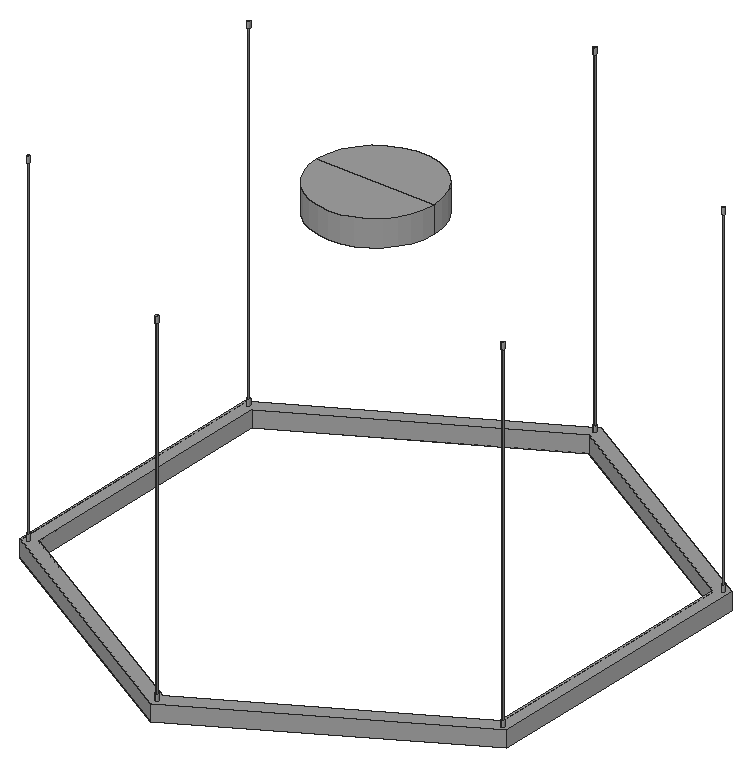
Revit family "Alcon-12100-20-P-HEX-Revit-Family", category Generic Models, host Ceiling, Revit 2025
Family settings
  Host = Ceiling
  Can host rebar = No
  Round Connector Dimension = Use Diameter
  Part Type = Normal
  Always vertical = Yes
  Cut with Voids When Loaded = No
  Maintain Annotation Orientation = No
  Shared = No
  Room Calculation Point = No
Parameters
  URL = "https://www.alconlighting.com/?srsltid=AfmBOooDPhGQ0dEP-X2PMtxFfvvWpIAEL4jCll_O2F4_to5onvhnBomy"
  Product Page = "https://www.alconlighting.com/12100-20-hex.html"
  Model = "12100-20-P-HEX"
  Manufacturer = "Alcon Lighting"
  Lens = Glass
  Housing = Default
  Default Elevation = 0' - 0"
Reference planes (in)
  plane 1 "Center (Front/Back)": y = 0
  plane 2 "Ceiling": z = 96
  plane 3 "Center (Left/Right)": x = 0
Forms (in)
  Revolve 1, solid, material "Default" <- "Housing"
    sketch origin (0, 0, 0) x (1, 0, 0) y (0, 0, 1)
      loop
        line (0, 96) -> (0, 93.75) -> (5, 93.75) -> (5, 96) -> (0, 96)
      axis (0, 96) -> (0, 93.75)
    angle from 0 to 360
  Revolve 2, solid, material "Default" <- "Housing"
    sketch origin (0, -35.91248, 0) x (0, 1, 0) y (0, 0, 1)
      loop
        line (12.55011, 66.65) -> (12.67511, 66.65) -> (12.67511, 67.1208) -> (12.55011, 67.1208) -> (12.55011, 66.65)
      axis (12.55011, 67.1208) -> (12.55011, 66.65)
    angle from 0 to 360
  Extrusion 3, solid, material "Default" <- "Housing"
    sketch origin (0, -23.36248, 92.90344) x (0, 1, 0) y (1, 0, 0)
      loop
        circle (0, 0) r 0.04922
    from -2.62576 to 25.78265
  Revolve 4, solid, material "Default" <- "Housing"
    sketch origin (0, -35.91248, 28.8792) x (0, 1, 0) y (0, 0, 1)
      loop
        line (12.55011, 66.65) -> (12.67511, 66.65) -> (12.67511, 67.1208) -> (12.55011, 67.1208) -> (12.55011, 66.65)
      axis (12.55011, 67.1208) -> (12.55011, 66.65)
    angle from 0 to 360
  Revolve 5, solid, material "Default" <- "Housing"
    sketch origin (0, 10.83951, 0) x (0, 1, 0) y (0, 0, 1)
      loop
        line (12.55011, 66.65) -> (12.67511, 66.65) -> (12.67511, 67.1208) -> (12.55011, 67.1208) -> (12.55011, 66.65)
      axis (12.55011, 67.1208) -> (12.55011, 66.65)
    angle from 0 to 360
  Extrusion 6, solid, material "Default" <- "Housing"
    sketch origin (0, 23.38951, 92.90344) x (0, 1, 0) y (1, 0, 0)
      loop
        circle (0, 0) r 0.04922
    from -2.62576 to 25.78265
  Revolve 7, solid, material "Default" <- "Housing"
    sketch origin (0, 10.83951, 28.8792) x (0, 1, 0) y (0, 0, 1)
      loop
        line (12.55011, 66.65) -> (12.67511, 66.65) -> (12.67511, 67.1208) -> (12.55011, 67.1208) -> (12.55011, 66.65)
      axis (12.55011, 67.1208) -> (12.55011, 66.65)
    angle from 0 to 360
  Revolve 8, solid, material "Default" <- "Housing"
    sketch origin (20.25996, -24.30011, 0) x (0, 1, 0) y (0, 0, 1)
      loop
        line (12.55011, 66.65) -> (12.67511, 66.65) -> (12.67511, 67.1208) -> (12.55011, 67.1208) -> (12.55011, 66.65)
      axis (12.55011, 67.1208) -> (12.55011, 66.65)
    angle from 0 to 360
  Extrusion 9, solid, material "Default" <- "Housing"
    sketch origin (20.25996, -11.75011, 92.90344) x (0, 1, 0) y (1, 0, 0)
      loop
        circle (0, 0) r 0.04922
    from -2.62576 to 25.78265
  Revolve 10, solid, material "Default" <- "Housing"
    sketch origin (20.25996, -24.30011, 28.8792) x (0, 1, 0) y (0, 0, 1)
      loop
        line (12.55011, 66.65) -> (12.67511, 66.65) -> (12.67511, 67.1208) -> (12.55011, 67.1208) -> (12.55011, 66.65)
      axis (12.55011, 67.1208) -> (12.55011, 66.65)
    angle from 0 to 360
  Revolve 11, solid, material "Default" <- "Housing"
    sketch origin (-20.27056, -24.30011, 0) x (0, 1, 0) y (0, 0, 1)
      loop
        line (12.55011, 66.65) -> (12.67511, 66.65) -> (12.67511, 67.1208) -> (12.55011, 67.1208) -> (12.55011, 66.65)
      axis (12.55011, 67.1208) -> (12.55011, 66.65)
    angle from 0 to 360
  Extrusion 12, solid, material "Default" <- "Housing"
    sketch origin (-20.27056, -11.75011, 92.90344) x (0, 1, 0) y (1, 0, 0)
      loop
        circle (0, 0) r 0.04922
    from -2.62576 to 25.78265
  Revolve 13, solid, material "Default" <- "Housing"
    sketch origin (-20.27056, -24.30011, 28.8792) x (0, 1, 0) y (0, 0, 1)
      loop
        line (12.55011, 66.65) -> (12.67511, 66.65) -> (12.67511, 67.1208) -> (12.55011, 67.1208) -> (12.55011, 66.65)
      axis (12.55011, 67.1208) -> (12.55011, 66.65)
    angle from 0 to 360
  Sweep 14, solid, material "Default" <- "Housing"
    path origin (0, 0, 65.25) x (1, 0, 0) y (0, 1, 0)
      loop
        line (0, 24) -> (-20.78461, 12) -> (-20.78461, -12) -> (0, -24) -> (20.78461, -12) -> (20.78461, 12) -> (0, 24)
    profile origin (-10.3923, 18, 65.25) x (0.5, -0.866025, 0) y (0, 0, 1)
      loop
        line (0, 1.4) -> (0, 0) -> (0.0625, 0) -> (0.0625, 1.3375) -> (1.0375, 1.3375) -> (1.0375, 0) -> (1.1, 0) -> (1.1, 1.4) -> (0, 1.4)
  Sweep 15, solid, material "Glass" <- "Lens"
    path origin (0, 0, 65.25) x (1, 0, 0) y (0, 1, 0)
      loop
        line (0, 24) -> (-20.78461, 12) -> (-20.78461, -12) -> (0, -24) -> (20.78461, -12) -> (20.78461, 12) -> (0, 24)
    profile origin (-10.3923, 18, 65.25) x (0.5, -0.866025, 0) y (0, 0, 1)
      loop
        line (0, 0.0625) -> (0, 0) -> (1.1, 0) -> (1.1, 0.0625) -> (0, 0.0625)
  Revolve 16, solid, material "Default" <- "Housing"
    sketch origin (-20.27056, -0.80011, 0) x (0, 1, 0) y (0, 0, 1)
      loop
        line (12.55011, 66.65) -> (12.67511, 66.65) -> (12.67511, 67.1208) -> (12.55011, 67.1208) -> (12.55011, 66.65)
      axis (12.55011, 67.1208) -> (12.55011, 66.65)
    angle from 0 to 360
  Extrusion 17, solid, material "Default" <- "Housing"
    sketch origin (-20.27056, 11.74989, 92.90344) x (0, 1, 0) y (1, 0, 0)
      loop
        circle (0, 0) r 0.04922
    from -2.62576 to 25.78265
  Revolve 18, solid, material "Default" <- "Housing"
    sketch origin (-20.27056, -0.80011, 28.8792) x (0, 1, 0) y (0, 0, 1)
      loop
        line (12.55011, 66.65) -> (12.67511, 66.65) -> (12.67511, 67.1208) -> (12.55011, 67.1208) -> (12.55011, 66.65)
      axis (12.55011, 67.1208) -> (12.55011, 66.65)
    angle from 0 to 360
  Revolve 19, solid, material "Default" <- "Housing"
    sketch origin (20.25996, -0.80011, 0) x (0, 1, 0) y (0, 0, 1)
      loop
        line (12.55011, 66.65) -> (12.67511, 66.65) -> (12.67511, 67.1208) -> (12.55011, 67.1208) -> (12.55011, 66.65)
      axis (12.55011, 67.1208) -> (12.55011, 66.65)
    angle from 0 to 360
  Extrusion 20, solid, material "Default" <- "Housing"
    sketch origin (20.25996, 11.74989, 92.90344) x (0, 1, 0) y (1, 0, 0)
      loop
        circle (0, 0) r 0.04922
    from -2.62576 to 25.78265
  Revolve 21, solid, material "Default" <- "Housing"
    sketch origin (20.25996, -0.80011, 28.8792) x (0, 1, 0) y (0, 0, 1)
      loop
        line (12.55011, 66.65) -> (12.67511, 66.65) -> (12.67511, 67.1208) -> (12.55011, 67.1208) -> (12.55011, 66.65)
      axis (12.55011, 67.1208) -> (12.55011, 66.65)
    angle from 0 to 360
Dimensions and locks (in)
  equal spacing: host sketch curve, plane 3 "Center (Left/Right)", host sketch curve
  equal spacing: host sketch curve, plane 1 "Center (Front/Back)", host sketch curve
  host sketch curve to host sketch curve = 10' - 0"  (x2)
  aligned and locked: Extrusion 3 to Revolve 2
  aligned and locked: Revolve 4 to Extrusion 3
  aligned and locked: Extrusion 6 to Revolve 5
  aligned and locked: Revolve 7 to Extrusion 6
  aligned and locked: Extrusion 9 to Revolve 8
  aligned and locked: Revolve 10 to Extrusion 9
  aligned and locked: Extrusion 12 to Revolve 11
  aligned and locked: Revolve 13 to Extrusion 12
  aligned and locked: Extrusion 17 to Revolve 16
  aligned and locked: Revolve 18 to Extrusion 17
  aligned and locked: Extrusion 20 to Revolve 19
  aligned and locked: Revolve 21 to Extrusion 20
